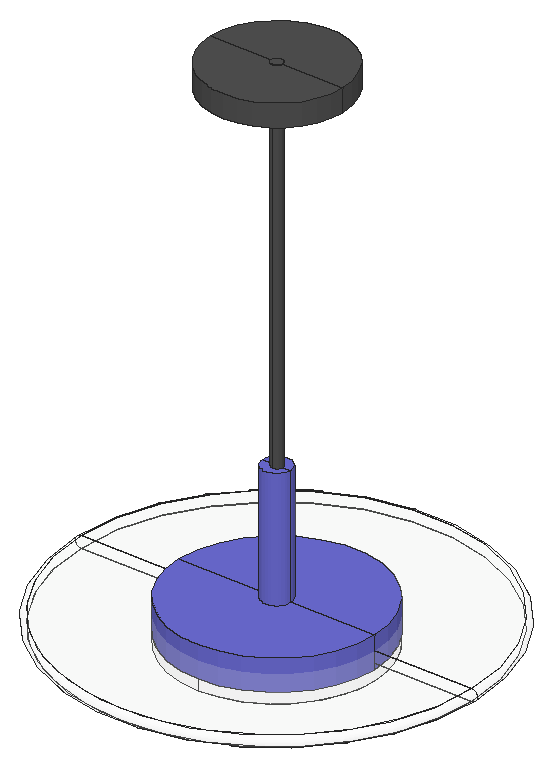
Revit family "M_Luminária de forro - Disco", category Luminárias, Revit 2019
Family settings
  Hospedeiro = Forro
  Cota do conector redondo = Utilizar diâmetro
  Tipo de parte = Normal
  Número OmniClass = 23.80.70.11.11
  Título OmniClass = General Luminaries, Non Directional
  ID de item do Seek = Pendant Light - Disk-0000-CAN-ENU
  Sempre na vertical = Sim
  Corte com vazios quando carregada = Não
  Fonte luminosa = Sim
  Compartilhado = Não
  Ponto de cálculo do ambiente = Não
Parameters (values of type "150W - 277V")
  Wattage = 150 W
  built-in parameter 1150110 = 1 (stored number, unit not read)
  built-in parameter 1114217 = 1 (stored number, unit not read)
  Tilt Angle = 90.00°
  built-in parameter 1150109 = 1 (stored number, unit not read)
  built-in parameter 1150134 = 4
  built-in parameter 1150113 = 1 (stored number, unit not read)
  built-in parameter 1010507 = 1.5708 (stored number, unit not read)
  built-in parameter 1010506 = 0.5236 (stored number, unit not read)
  built-in parameter 1150115 = 1 (stored number, unit not read)
  built-in parameter 1150105 = 9293.5 (stored number, unit not read)
  Classificação de carga = Iluminação - Unidade de interrupção
  Comprimento do símbolo da fonte luminosa = 2500 mm
  built-in parameter 1150137 = 1
  built-in parameter 1150139 = (empty or 0)
  built-in parameter 1150112 = 1 (stored number, unit not read)
  built-in parameter 1150114 = 1 (stored number, unit not read)
  Lâmpada = "A-21"
  built-in parameter 1150132 = (empty or 0)
  built-in parameter 1150102 = (empty or 0)
  built-in parameter 1150138 = (empty or 0)
  built-in parameter 1150107 = 2800 (stored number, unit not read)
  built-in parameter 1150106 = 92.935 (stored number, unit not read)
  Emitir do diâmetro do círculo = Raio da luminária * 2  # 225 mm
  Emit Shape Visible in Rendering = no
  built-in parameter 1150104 = 1.7215 (stored number, unit not read)
  Dimming Lamp Color Temperature Shift = (empty or 0)
  Color Filter = 16777215
  built-in parameter 1140040 [instance] = 1
  Voltagem do transformador = 277 V
  Transformador por número de postes = 1
  built-in parameter 1114218 = 1 (stored number, unit not read)
  built-in parameter 1150133 = 10 (stored number, unit not read)
  Código de montagem = "D5020220"
  Material montado no forro = Aço, Cromo polido
  Cair do forro = 600 mm
  Material hidráulico = Plástico - Azul
  Material de vidro = Vidro, Branco, Alta Luminosidade
  Lumens = 2779.5 lm
  Raio da luminária = Raio do vidro * 0.5  # 112.5 mm
  Raio do vidro = 225 mm
  Type Comments = ""
  Wattage Comments = ""
  Carga aparente = 150 VA
Types (5, lengths in mm): name | Wattage | built-in parameter 1150105 | Lâmpada | built-in parameter 1150106 | built-in parameter 1150104 | Voltagem do transformador | Lumens | Type Comments | Carga aparente
  (no name) | 150 W | 9293.5 (stored number, unit not read) | "A-21" | 92.935 (stored number, unit not read) | 1.7215 (stored number, unit not read) | 277 V | 2779.5 lm | "" | 150 VA
  100W - 277V | 100 W | 5650.6 (stored number, unit not read) | "A-19" | 56.506 (stored number, unit not read) | 1.5701 (stored number, unit not read) | 277 V | 1690 lm | "3,5\" Raio mínimo" | 100 VA
  150W - 120V | 150 W | 9293.5 (stored number, unit not read) | "A-21" | 92.935 (stored number, unit not read) | 1.7215 (stored number, unit not read) | 120 V | 2779.5 lm | "" | 150 VA
  150W - 277V | 150 W | 9293.5 (stored number, unit not read) | "A-21" | 92.935 (stored number, unit not read) | 1.7215 (stored number, unit not read) | 277 V | 2779.5 lm | "" | 150 VA
  100W - 120V | 100 W | 5650.6 (stored number, unit not read) | "A-19" | 56.506 (stored number, unit not read) | 1.5701 (stored number, unit not read) | 120 V | 1690 lm | "3,5\" Raio mínimo" | 100 VA
Reference planes
  plane 1 "Eixo da luz": y = 0
  plane 2 "Forro": z = 2438.4
  plane 3 "Eixo da luz": x = 0
  plane 4 "Elevação da origem da luz": z = 1838.4
Forms (mm)
  Revolve 1, solid, material "Aço, Cromo polido" <- "Material montado no forro"
    sketch origin (0, 0, 0) x (1, 0, 0) y (0, 0, 1)
      loop
        line (0, 2438.4) -> (-76.2, 2438.4) -> (-76.2, 2413) -> (0, 2377.467) -> (0, 2438.4)
      axis (0, 2438.4) -> (0, 2377.467)
    angle from 0 to 360
  Revolve 2, solid, material "Vidro, Branco, Alta Luminosidade" <- "Material de vidro"
    sketch origin (0, 0, 0) x (0, 0, -1) y (1, 0, 0)
      loop
        line (-1857.45, 0) -> (-1870.15, 0) -> (-1870.15, -225)
        arc (-1870.15, -225) -> (-1863.8, -231.35) -> (-1857.45, -225) r 6.35
        line (-1857.45, -225) -> (-1857.45, 0)
      axis (-1870.15, 0) -> (-1857.45, 0)
    angle from 0 to 360
  Extrusion 3, solid, material "Aço, Cromo polido" <- "Material montado no forro"
    sketch origin (0, 0, 1838.4) x (0, -1, 0) y (1, 0, 0)
      loop
        circle (0, 0) r 6.35
    from 12.7 to 600
  Revolve 4, solid, material "Plástico - Azul" <- "Material hidráulico"
    sketch origin (0, 0, 0) x (0, 0, -1) y (1, 0, 0)
      loop
        line (-2022.55, 0) -> (-2022.55, -15.875) -> (-1886.475, -15.875) -> (-1886.475, -112.5) -> (-1851.1, -112.5) -> (-1851.1, -38.1) -> (-1870.15, -38.1) -> (-1870.15, 0) -> (-2022.55, 0)
      axis (-2022.55, 0) -> (-1851.1, 0)
    angle from 0 to 360
  Extrusion 5, solid, material "Vidro, Branco, Alta Luminosidade" <- "Material de vidro"
    sketch origin (0, 0, 1838.4) x (0, -1, 0) y (1, 0, 0)
      loop
        circle (0, 0) r 112.5
    from 0 to 12.7
Dimensions and locks
  equal spacing: host sketch curve, plane 3 "Eixo da luz", host sketch curve
  equal spacing: host sketch curve, plane 1 "Eixo da luz", host sketch curve
  host sketch curve to host sketch curve = 3048 mm  (x2)
  "Cair do forro": plane 2 "Forro" to plane 4 "Elevação da origem da luz"
  "Raio do vidro": plane 3 "Eixo da luz" to Revolve 2 sketch curve
  "Raio da luminária": plane 3 "Eixo da luz" to Revolve 4 sketch curve
  "Raio da luminária": radius of Extrusion 5 sketch curve
  aligned and locked: plane 2 "Forro" to Extrusion 3
  aligned and locked: imposter light to plane 3 "Eixo da luz"
  aligned and locked: plane 1 "Eixo da luz" to imposter light
  aligned and locked: plane 4 "Elevação da origem da luz" to imposter light
  aligned and locked: Extrusion 5 to Revolve 4
Automatic sketch dimensions
  Revolve 1 sketch curve to plane 2 "Forro" = 0 mm
  Revolve 1 sketch curve to plane 3 "Eixo da luz" = 0 mm  (x2)
  Revolve 1 sketch curve to plane 2 "Forro" = 25.4 mm
  Revolve 1 sketch curve to plane 3 "Eixo da luz" = 76.2 mm
  Revolve 1 sketch curve to plane 2 "Forro" = 60.933 mm
  Revolve 1 sketch curve to Revolve 1 sketch curve = 66.067 mm
  plane 2 "Forro" to Revolve 1 sketch curve = 76.2 mm
  Extrusion 3 sketch curve to plane 3 "Eixo da luz" = 0 mm
  Extrusion 3 sketch curve to plane 1 "Eixo da luz" = 0 mm
  Extrusion 3 sketch curve to plane 1 "Eixo da luz" = 6.35 mm
  Revolve 2 sketch curve to plane 3 "Eixo da luz" = 0 mm  (x2)
  Revolve 2 sketch curve to plane 4 "Elevação da origem da luz" = 96.851 mm
  Revolve 2 sketch curve to plane 4 "Elevação da origem da luz" = 31.75 mm
  Revolve 2 sketch curve to Revolve 2 sketch curve = 6.35 mm
  plane 4 "Elevação da origem da luz" to Revolve 2 sketch curve = 233.349 mm
  Revolve 4 sketch curve to plane 3 "Eixo da luz" = 0 mm  (x2)
  Revolve 4 sketch curve to plane 4 "Elevação da origem da luz" = 208.263 mm
  Revolve 4 sketch curve to Revolve 4 sketch curve = 24.113 mm
  Revolve 4 sketch curve to plane 4 "Elevação da origem da luz" = 48.075 mm
  Revolve 4 sketch curve to Revolve 4 sketch curve = 16.325 mm
  Revolve 4 sketch curve to plane 4 "Elevação da origem da luz" = 12.7 mm
  plane 4 "Elevação da origem da luz" to Revolve 4 sketch curve = 45.737 mm
  Revolve 4 sketch curve to plane 3 "Eixo da luz" = 15.875 mm
  Revolve 4 sketch curve to Revolve 4 sketch curve = 22.225 mm
  plane 1 "Eixo da luz" to Extrusion 5 sketch curve = 0 mm
  Extrusion 5 sketch curve to plane 3 "Eixo da luz" = 0 mm
Connectors
  electrical at (0, 0, 1851.1), driven by "Carga aparente", driven by "Voltagem do transformador", driven by "Transformador por número de postes", driven by "Classificação de carga"
    settings: on Revolve 4, index 1, voltage 277 V, apparent load 0 VA, apparent load phase1 150 VA, apparent load phase2 0 VA, apparent load phase3 0 VA, power factor 0.95, load classification "Iluminação - Unidade de interrupção", number of poles 1, system type 31, power factor state 1, is connector primary yes, connector utility no, sub classification motor no, connector description ""
